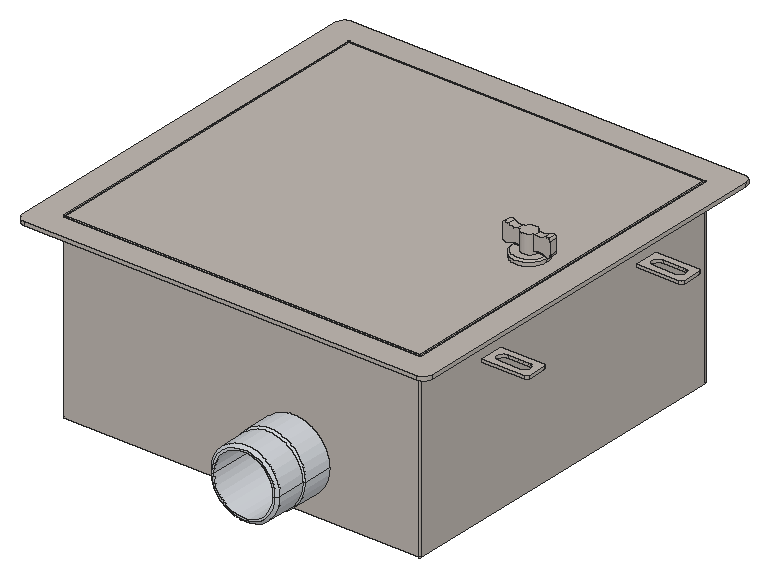
Revit family "MI-DIAL", category Pipe Accessories, host Face, Revit 2018
Family settings
  Host = Face
  Round Connector Dimension = Use Diameter
  Part Type = Normal
  Cut with Voids When Loaded = No
  Shared = No
Parameters
  URL = "www.mifab.com"
  Model = "MI-DIAL"
  Manufacturer = "MIFAB"
  Description = "STAINLESS STEEL SUPPLY & WASTE DIALYSIS BOX WITH ONE VALVE & DOOR"
  Default Elevation = 4' - 0"
Reference planes (in)
  plane 1 "Center (Front/Back)": y = 0
  plane 2: z = 0
  plane 3 "Center (Left/Right)": x = 0
  plane 4: x = -6.875
  plane 5: x = 6.875
  plane 6: y = 6.875
  plane 7: y = -6.875
  plane 8: x = -6
  plane 9: x = 6
  plane 10: y = 6
  plane 11: y = -6
  plane 12: z = 0.03906
  plane 13: x = 0.76141
  plane 14: x = 2.35719
  plane 15: y = 0.09416
  plane 16: y = -0.09416
  plane 17: y = -4.37545
  plane 18: y = 4.3125
  plane 19: x = 1.5601
  plane 20: y = 6.625
  plane 21: y = -3.96094
Forms (in)
  Extrusion 1, solid, material "Box Material"
    sketch origin (0, 0, -4.791) x (1, 0, 0) y (0, 1, 0)
      loop
        arc (-6.875, -6.57732) -> (-6.78781, -6.78781) -> (-6.57732, -6.875) r 0.29768
        line (-6.57732, -6.875) -> (6.57813, -6.875)
        arc (6.57813, -6.875) -> (6.78805, -6.78805) -> (6.875, -6.57813) r 0.29688
        line (6.875, -6.57813) -> (6.875, 6.56627)
        arc (6.875, 6.56627) -> (6.78458, 6.78458) -> (6.56627, 6.875) r 0.30873
        line (6.56627, 6.875) -> (-6.56627, 6.875)
        arc (-6.56627, 6.875) -> (-6.78458, 6.78458) -> (-6.875, 6.56627) r 0.30873
        line (-6.875, 6.56627) -> (-6.875, -6.57732)
      loop
        arc (-5.94945, 6) -> (-5.98519, 5.98519) -> (-6, 5.94945) r 0.05055
        line (-6, 5.94945) -> (-6, -5.94922)
        arc (-6, -5.94922) -> (-5.98513, -5.98513) -> (-5.94922, -6) r 0.05078
        line (-5.94922, -6) -> (5.94922, -6)
        arc (5.94922, -6) -> (5.98513, -5.98513) -> (6, -5.94922) r 0.05078
        line (6, -5.94922) -> (6, 5.94922)
        arc (6, 5.94922) -> (5.98513, 5.98513) -> (5.94922, 6) r 0.05078
        line (5.94922, 6) -> (-5.94945, 6)
    from 5.95175 to 6.0625
  Extrusion 2, solid, material "Box Material"
    sketch origin (0, 0, -4.791) x (1, 0, 0) y (0, 1, 0)
      loop
        arc (6, 5.94922) -> (5.98513, 5.98513) -> (5.94922, 6) r 0.05078
        line (5.94922, 6) -> (-5.94945, 6)
        arc (-5.94945, 6) -> (-5.98519, 5.98519) -> (-6, 5.94945) r 0.05055
        line (-6, 5.94945) -> (-6, -5.94922)
        arc (-6, -5.94922) -> (-5.98513, -5.98513) -> (-5.94922, -6) r 0.05078
        line (-5.94922, -6) -> (5.94922, -6)
        arc (5.94922, -6) -> (5.98513, -5.98513) -> (6, -5.94922) r 0.05078
        line (6, -5.94922) -> (6, 5.94922)
      loop
        line (-5.96094, 5.96156) -> (-5.96094, -5.96094) -> (5.96094, -5.96094) -> (5.96094, 5.96156) -> (-5.96094, 5.96156)
    from 0.03906 to 6.0625
  Extrusion 3, solid, material "Box Material"
    sketch origin (0, 0, -4.791) x (1, 0, 0) y (0, 1, 0)
      loop
        line (-6, 5.94945) -> (-6, -5.94922)
        arc (-6, -5.94922) -> (-5.98513, -5.98513) -> (-5.94922, -6) r 0.05078
        line (-5.94922, -6) -> (5.94922, -6)
        arc (5.94922, -6) -> (5.98513, -5.98513) -> (6, -5.94922) r 0.05078
        line (6, -5.94922) -> (6, 5.94922)
        arc (6, 5.94922) -> (5.98513, 5.98513) -> (5.94922, 6) r 0.05078
        line (5.94922, 6) -> (-5.94945, 6)
        arc (-5.94945, 6) -> (-5.98519, 5.98519) -> (-6, 5.94945) r 0.05055
    from 0 to 0.03906
  Extrusion 4, solid, material "Box Material"
    sketch origin (0, 0, -4.791) x (1, 0, 0) y (0, 1, 0)
      loop
        line (6, 3.84196) -> (6, 3.03435) -> (7.46993, 3.03435)
        arc (7.46993, 3.03435) -> (7.53919, 3.06304) -> (7.56788, 3.1323) r 0.09795
        line (7.56788, 3.1323) -> (7.56788, 3.7443)
        arc (7.56788, 3.7443) -> (7.53928, 3.81335) -> (7.47022, 3.84196) r 0.09766
        line (7.47022, 3.84196) -> (6, 3.84196)
      loop
        arc (7.17644, 3.24703) -> (7.36771, 3.4383) -> (7.17644, 3.62957) r 0.19127
        line (7.17644, 3.62957) -> (6.43294, 3.62957)
        arc (6.43294, 3.62957) -> (6.24167, 3.4383) -> (6.43294, 3.24703) r 0.19127
        line (6.43294, 3.24703) -> (7.17644, 3.24703)
      loop
        line (-6, 3.84196) -> (-7.47022, 3.84196)
        arc (-7.47022, 3.84196) -> (-7.53928, 3.81335) -> (-7.56788, 3.7443) r 0.09766
        line (-7.56788, 3.7443) -> (-7.56788, 3.1323)
        arc (-7.56788, 3.1323) -> (-7.53919, 3.06304) -> (-7.46993, 3.03435) r 0.09795
        line (-7.46993, 3.03435) -> (-6, 3.03435) -> (-6, 3.84196)
      loop
        line (-7.17644, 3.24703) -> (-6.43294, 3.24703)
        arc (-6.43294, 3.24703) -> (-6.24167, 3.4383) -> (-6.43294, 3.62957) r 0.19127
        line (-6.43294, 3.62957) -> (-7.17644, 3.62957)
        arc (-7.17644, 3.62957) -> (-7.36771, 3.4383) -> (-7.17644, 3.24703) r 0.19127
      loop
        line (6, -2.65804) -> (6, -3.46565) -> (7.46993, -3.46565)
        arc (7.46993, -3.46565) -> (7.53919, -3.43696) -> (7.56788, -3.3677) r 0.09795
        line (7.56788, -3.3677) -> (7.56788, -2.7557)
        arc (7.56788, -2.7557) -> (7.53928, -2.68665) -> (7.47022, -2.65804) r 0.09766
        line (7.47022, -2.65804) -> (6, -2.65804)
      loop
        arc (7.17644, -3.25297) -> (7.36771, -3.0617) -> (7.17644, -2.87043) r 0.19127
        line (7.17644, -2.87043) -> (6.43294, -2.87043)
        arc (6.43294, -2.87043) -> (6.24167, -3.0617) -> (6.43294, -3.25297) r 0.19127
        line (6.43294, -3.25297) -> (7.17644, -3.25297)
      loop
        line (-6, -2.65804) -> (-7.47022, -2.65804)
        arc (-7.47022, -2.65804) -> (-7.53928, -2.68665) -> (-7.56788, -2.7557) r 0.09766
        line (-7.56788, -2.7557) -> (-7.56788, -3.3677)
        arc (-7.56788, -3.3677) -> (-7.53919, -3.43696) -> (-7.46993, -3.46565) r 0.09795
        line (-7.46993, -3.46565) -> (-6, -3.46565) -> (-6, -2.65804)
      loop
        line (-7.17644, -3.25297) -> (-6.43294, -3.25297)
        arc (-6.43294, -3.25297) -> (-6.24167, -3.0617) -> (-6.43294, -2.87043) r 0.19127
        line (-6.43294, -2.87043) -> (-7.17644, -2.87043)
        arc (-7.17644, -2.87043) -> (-7.36771, -3.0617) -> (-7.17644, -3.25297) r 0.19127
    from 4.791 to 4.875
  Extrusion 5, solid, material "Box Material"
    sketch origin (0, 0, -4.791) x (1, 0, 0) y (0, 1, 0)
      loop
        line (-5.96094, 5.96156) -> (-5.96094, -5.96094) -> (5.96094, -5.96094) -> (5.96094, 5.96156) -> (-5.96094, 5.96156)
    from 5.841 to 6.0625
  Revolve 6, solid
    sketch origin (-17.5625, 0, -2.541) x (1, 0, 0) y (0, 1, 0)
      loop
        line (15.125, 6.625) -> (14.5138, 6.625) -> (14.5138, 5.30674) -> (15.125, 5.30674) -> (15.125, 6.625)
      axis (14.5138, 5.30674) -> (14.5138, 6.625)
    angle from 0 to 360
  Extrusion 7, solid, material "Box Material"
    sketch origin (0, 0, -4.791) x (1, 0, 0) y (0, 1, 0)
      loop
        line (5.96094, -3.96094) -> (-5.96094, -3.96094) -> (-5.96094, -5.96094) -> (5.96094, -5.96094) -> (5.96094, -3.96094)
    from 4.791 to 4.875
  Extrusion 8, void
    sketch origin (5.94922, 6, -4.791) x (1, 0, 0) y (0, 0, 1)
      loop
        circle (-8.99792, 2.25) r 0.6112
    from 0 to 0.03844
  Extrusion 9, void
    sketch origin (0, 0, 0) x (1, 0, 0) y (0, 1, 0)
      loop
        line (-6, 5.94945) -> (-6, -5.94922)
        arc (-6, -5.94922) -> (-5.98513, -5.98513) -> (-5.94922, -6) r 0.05078
        line (-5.94922, -6) -> (5.94922, -6)
        arc (5.94922, -6) -> (5.98513, -5.98513) -> (6, -5.94922) r 0.05078
        line (6, -5.94922) -> (6, 5.94922)
        arc (6, 5.94922) -> (5.98513, 5.98513) -> (5.94922, 6) r 0.05078
        line (5.94922, 6) -> (-5.94945, 6)
        arc (-5.94945, 6) -> (-5.98519, 5.98519) -> (-6, 5.94945) r 0.05055
    from -4.791 to 0
Cuts and joins
  Extrusion 8 cuts Extrusion 2
  joined: Extrusion 2, Extrusion 3
  Extrusion 8 cuts Revolve 6
  Extrusion 9 cuts Extrusion 1
  Extrusion 9 cuts Extrusion 4
  Extrusion 9 cuts Extrusion 5
Dimensions and locks (in)
  equal spacing: plane 4, plane 3 "Center (Left/Right)", plane 5
  locked: plane 4 to plane 5 at 13.75
  equal spacing: plane 7, plane 1 "Center (Front/Back)", plane 6
  locked: plane 7 to plane 6 at 13.75
  equal spacing: plane 8, plane 3 "Center (Left/Right)", plane 9
  plane 8 to plane 9 = 1' - 0"
  equal spacing: plane 10, plane 1 "Center (Front/Back)", plane 11
  plane 10 to plane 11 = 1' - 0"
  plane 10 to plane 20 = 0' - 0 5/8"
  cut or joined group of Extrusion 2, Extrusion 3, Extrusion 8 to cut or joined group of Extrusion 1, Extrusion 9 = 0' - 6 1/16"
  aligned and locked: plane 2 to host face
  aligned and locked: level to host face
  aligned and locked: Extrusion 3 sketch curve to Extrusion 2  (x4)
  aligned and locked: Extrusion 8 sketch curve to Revolve 6  (x2)
  aligned and locked: Extrusion 8 to Extrusion 1
  aligned and locked: Extrusion 2 to Extrusion 8
  aligned and locked: Extrusion 9 sketch curve to cut or joined group of Extrusion 2, Extrusion 3, Extrusion 8  (x4)
  aligned and locked: Extrusion 9 to Extrusion 3
  aligned and locked: level to Extrusion 9
Automatic sketch dimensions
  host sketch curve to host sketch curve = 8' - 0"  (x2)
  Extrusion 2 sketch curve to Extrusion 2 sketch curve = 0' - 0.01149"
  Extrusion 2 sketch curve to Extrusion 2 sketch curve = 0' - 0 3/256"  (x4)
  Extrusion 2 sketch curve to Extrusion 2 sketch curve = 0' - 0.01234"
  Extrusion 4 sketch curve to Extrusion 4 sketch curve = 0' - 0.29349"  (x4)
  Extrusion 4 sketch curve to Extrusion 4 sketch curve = 0' - 0.29379"  (x4)
  Extrusion 4 sketch curve to Extrusion 4 sketch curve = 0' - 0.09795"  (x3)
  Extrusion 4 sketch curve to Extrusion 4 sketch curve = 0' - 0 25/256"  (x2)
  Extrusion 4 sketch curve to Extrusion 4 sketch curve = 0' - 0.11473"  (x8)
  Extrusion 4 sketch curve to Extrusion 4 sketch curve = 0' - 0.19127"  (x4)
  Extrusion 4 sketch curve to Extrusion 4 sketch curve = 0' - 0"  (x10)
  Revolve 6 sketch curve to Revolve 6 sketch curve = 0' - 0.6112"
  Revolve 6 sketch curve to Revolve 6 sketch curve = 0' - 0"  (x2)
  Extrusion 1 sketch curve to Extrusion 1 sketch curve = 0' - 0.56627"  (x2)
  Extrusion 1 sketch curve to Extrusion 1 sketch curve = 0' - 0.6281"
  Extrusion 1 sketch curve to Extrusion 1 sketch curve = 0' - 0.30873"  (x2)
  Extrusion 1 sketch curve to Extrusion 1 sketch curve = 0' - 0 161/256"
  Extrusion 1 sketch curve to Extrusion 1 sketch curve = 0' - 0.57732"
  Extrusion 1 sketch curve to Extrusion 1 sketch curve = 0' - 0.61705"
  Extrusion 2 sketch curve to Extrusion 2 sketch curve = 0' - 0 5/128"  (x2)
  Extrusion 2 sketch curve to Extrusion 2 sketch curve = 0' - 11.89866"
  Extrusion 2 sketch curve to Extrusion 2 sketch curve = 0' - 11 115/128"
  Extrusion 4 sketch curve to Extrusion 4 sketch curve = 0' - 0.7435"  (x4)
  Extrusion 4 sketch curve to Extrusion 4 sketch curve = 0' - 0.43294"  (x4)
  Extrusion 4 sketch curve to Extrusion 4 sketch curve = 1' - 0"
  Extrusion 4 sketch curve to Extrusion 4 sketch curve = 0' - 5.6924"  (x2)
  Extrusion 5 sketch curve to Extrusion 5 sketch curve = 0' - 11 59/64"
  Extrusion 5 sketch curve to Extrusion 5 sketch curve = 0' - 11.9225"
  Revolve 6 sketch curve to Revolve 6 sketch curve = 0' - 1.31826"
  Revolve 6 sketch curve to Revolve 6 sketch curve = 0' - 0.26185"
  Extrusion 7 sketch curve to Extrusion 7 sketch curve = 0' - 11 59/64"
  Extrusion 7 sketch curve to Extrusion 7 sketch curve = 0' - 2"
  Extrusion 1 sketch curve to Extrusion 1 sketch curve = 0' - 0.29768"
  Extrusion 1 sketch curve to Extrusion 1 sketch curve = 0' - 0.05055"
  Extrusion 1 sketch curve to Extrusion 1 sketch curve = 0' - 11 115/128"  (x2)
  Extrusion 1 sketch curve to Extrusion 1 sketch curve = 0' - 11.89866"
  Extrusion 1 sketch curve to Extrusion 1 sketch curve = 0' - 0 13/256"
  Extrusion 1 sketch curve to plane 4 = 0' - 0"
  plane 7 to Extrusion 1 sketch curve = 0' - 0"
  Extrusion 2 sketch curve to plane 8 = 0' - 0"
  plane 11 to Extrusion 2 sketch curve = 0' - 0"
  Extrusion 4 sketch curve to plane 8 = 0' - 0"
  plane 21 to Extrusion 4 sketch curve = 0' - 0.49529"
  plane 8 to Extrusion 5 sketch curve = 0' - 0 5/128"
  plane 11 to Extrusion 5 sketch curve = 0' - 0 5/128"
  plane 20 to Revolve 6 sketch curve = 0' - 0"
  plane 8 to Revolve 6 sketch curve = 0' - 2.9513"
  Extrusion 7 sketch curve to plane 21 = 0' - 0"
  plane 8 to Extrusion 7 sketch curve = 0' - 0 5/128"
Nested families (in)
  nested 1: "Bottom Con1" at (1.75, -6, -3.166) x (-1, 0, 0) z (0, -1, 0), type "Bottom Con1"
  nested 2: "Rooted  switch" at (4.87052, 0, 1.2715), type "Rooted  switch"
Connectors (in)
  piping at (-3.0487, 6.625, -2.541), diameter 0.5
    settings: on cut or joined group of Revolve 6, Extrusion 8, index 1, connector inside diameter 609.6 mm, connector length 0' - 0", flow factor 0, pipe flow 0.0 L/s, pressure drop 0.0 Pa, fitting loss kfactor 0, connector angle 0.00°, fixture units 0, engagement length 0' - 0", angle of deflection 0.00°, flow configuration 0, flow direction 1, fitting loss method 0, system type 7, joint type 0, gender type 0, connector reference index -1, connector utility 0, adjustable connector no, is connector primary yes, connector description ""
  piping at (1.75, -8.09791, -3.166), diameter 2
    settings: on nested 1, index 2, connector inside diameter 609.6 mm, connector length 0' - 0", flow factor 0, pipe flow 0.0 L/s, pressure drop 0.0 Pa, fitting loss kfactor 0, connector angle 0.00°, fixture units 0, engagement length 0' - 0", angle of deflection 0.00°, flow configuration 0, flow direction 2, fitting loss method 0, system type 16, joint type 0, gender type 0, connector reference index -1, connector utility 0, adjustable connector no, is connector primary no, connector description ""
Definition of nested family "Bottom Con1"
  Parameters (values of type "Bottom Con1")
    Default Elevation = 4' - 0"
  Reference planes (in)
    plane 1 "Center (Front/Back)": y = 0
    plane 2: z = 0
    plane 3 "Center (Left/Right)": x = 0
  Forms (in)
    Extrusion 1, solid
      sketch origin (0, 0, 0) x (1, 0, 0) y (0, 1, 0)
        loop
          line (-48, 48) -> (-48, -48) -> (48, -48) -> (48, 48) -> (-48, 48)
      from 0 to -12
    Revolve 2, solid
      sketch origin (-17.8814, 0, 10.75134) x (1, 0, 0) y (0, 0, -1)
        loop
          line (18.87746, 10.75134) -> (18.87746, 8.65343) -> (18.94312, 8.65343) -> (19.03699, 8.74729) -> (19.03699, 9.68522) -> (19.08745, 9.75729) -> (19.08745, 10.75134) -> (18.87746, 10.75134)
        axis (17.8814, 8.65343) -> (17.8814, 10.75134)
      angle from 0 to 360
  Dimensions and locks (in)
    aligned and locked: plane 2 to Extrusion 1
    aligned and locked: level to Extrusion 1
Definition of nested family "Rooted  switch"
  Parameters (values of type "Rooted  switch")
    Material = none
    Default Elevation = 4' - 0"
  Reference planes (in)
    plane 1 "Center (Front/Back)": y = 0
    plane 2: z = 0
    plane 3 "Center (Left/Right)": x = 0
  Forms (in)
    Extrusion 1, solid
      sketch origin (0, 0, 0) x (1, 0, 0) y (0, 1, 0)
        loop
          line (-48, 48) -> (-48, -48) -> (48, -48) -> (48, 48) -> (-48, 48)
      from 0 to -12
    Revolve 2, solid, material <- "Material"
      sketch origin (-1.57827, 0, 15.64376) x (1, 0, 0) y (0, 0, -1)
        loop
          line (1.57827, 15.64376) -> (1.57827, 14.87521) -> (1.82915, 14.87521) -> (1.82915, 15.47816) -> (2.10161, 15.47816) -> (2.15874, 15.53529) -> (2.15874, 15.64376) -> (1.57827, 15.64376)
        axis (1.57827, 15.64376) -> (1.57827, 14.87521)
      angle from 0 to 360
    Extrusion 3, solid, material <- "Material"
      sketch origin (-1.57827, -1.25, 15.64376) x (1, 0, 0) y (0, 1, 0)
        loop
          line (1.73496, 1.375) -> (1.73496, 1.125) -> (2.39514, 1.125) -> (2.39514, 1.375) -> (1.73496, 1.375)
        loop
          line (1.40421, 1.375) -> (0.76141, 1.375) -> (0.76141, 1.125) -> (1.40421, 1.125) -> (1.40421, 1.375)
      from -15.41877 to -14.80436
    Extrusion 4, void
      sketch origin (-1.57827, -1.25, 15.64376) x (1, 0, 0) y (0, 0, -1)
        loop
          arc (1.78763, 15.38205) -> (1.98861, 15.32744) -> (2.18676, 15.39159) r 0.36516
          arc (2.18676, 15.39159) -> (2.25947, 15.41448) -> (2.33253, 15.39274) r 0.13017
          arc (2.33253, 15.39274) -> (2.36455, 15.35764) -> (2.37614, 15.31156) r 0.09736
          line (2.37614, 15.31156) -> (2.37614, 14.90943)
          arc (2.37614, 14.90943) -> (2.36455, 14.86336) -> (2.33253, 14.82825) r 0.09736
          arc (2.33253, 14.82825) -> (2.25947, 14.80651) -> (2.18676, 14.82941) r 0.13017
          arc (2.18676, 14.82941) -> (2.03139, 14.89001) -> (1.86529, 14.87521) r 0.36516
          line (1.86529, 14.87521) -> (1.73496, 14.87521) -> (1.73496, 14.79867) -> (2.43157, 14.79867) -> (2.43157, 15.42233) -> (1.78763, 15.42233) -> (1.78763, 15.38205)
      from 1.0162 to 1.4737
    Extrusion 5, void
      sketch origin (1.57827, -1.25, 15.64376) x (-1, 0, 0) y (0, 0, 1)
        loop
          line (1.79502, -15.3776) -> (1.79502, -15.42233) -> (2.43157, -15.42233) -> (2.43157, -14.79867) -> (1.7442, -14.79867) -> (1.7442, -14.87521) -> (1.86529, -14.87521)
          arc (1.86529, -14.87521) -> (2.03139, -14.89001) -> (2.18676, -14.82941) r 0.36516
          arc (2.18676, -14.82941) -> (2.25947, -14.80651) -> (2.33253, -14.82825) r 0.13017
          arc (2.33253, -14.82825) -> (2.36455, -14.86336) -> (2.37614, -14.90943) r 0.09736
          line (2.37614, -14.90943) -> (2.37614, -15.31156)
          arc (2.37614, -15.31156) -> (2.36455, -15.35764) -> (2.33253, -15.39274) r 0.09736
          arc (2.33253, -15.39274) -> (2.25947, -15.41448) -> (2.18676, -15.39159) r 0.13017
          arc (2.18676, -15.39159) -> (1.99292, -15.32757) -> (1.79502, -15.3776) r 0.36516
      from 1.0162 to 1.4737
  Cuts and joins
    Extrusion 4, Extrusion 5 cuts Extrusion 3
    joined: Revolve 2, Extrusion 3
  Dimensions and locks (in)
    aligned and locked: plane 2 to Extrusion 1
    aligned and locked: level to Extrusion 1
